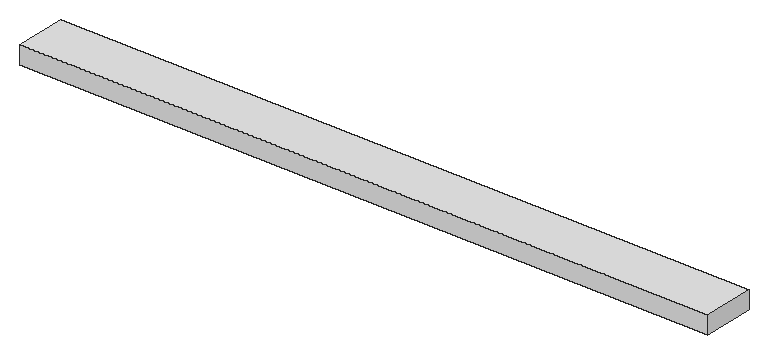
Revit family "11-TRIMBOARD-AND-STEALTH-TRIM-CADS-105-Trimboard-6-4x4-4-REVIT_Versatex-Generic-Model-6-4in-x-4in-TRIMBOARD", category Generic Models, host Face, Revit 2026
Family settings
  Host = Face
  Can host rebar = No
  Round Connector Dimension = Use Diameter
  Part Type = Normal
  Cut with Voids When Loaded = No
  Maintain Annotation Orientation = No
  Shared = No
  Room Calculation Point = No
Parameters
  Model = "TBSM/TR640418"
  Length = 4' - 0"
  Warranty = "https://versatex.com/warranty/"
  URL = "https://versatex.com/"
  Specification = "https://www.arcat.com/company/versatex-45716/spec?coid=45716"
  Sales Information = "https://versatex.com/dealer-locator/"
  Message Manufacturer = "https://versatex.com/contact/"
  Material = Versatex PVC - Smooth
  Manufacturer Website = "https://versatex.com/"
  Manufacturer Phone = "724-857-1111"
  Manufacturer Fax = "724-857-1171"
  Manufacturer Address = "400 Steel Street, Aliquippa, PA 15001"
  Manufacturer = "Versatex"
  Literature = "https://versatex.com/literature/?_sft_literature_category=cads"
  Description = "NOMINAL 6/4” x 4” TRIMBOARD"
  Default Elevation = 4' - 0"
  Copyright = "© 2024 VERSATEX Building Products, LLC"
Reference planes (in)
  plane 1 "Center (Front/Back)": y = 0
  plane 2: z = 0
  plane 3 "Center (Left/Right)": x = 0
  plane 4: x = 24
  plane 5: x = -24
Forms (in)
  Sweep 1, solid, material "Versatex PVC - Smooth" <- "Material"
    path origin (0, 0, 0) x (1, 0, 0) y (0, 1, 0)
      loop
        line (-24, 0) -> (24, 0)
    profile "Versatex_Profile_6-4” x 4” TRIMBOARD : Versatex_Profile_6-4” x 4” TRIMBOARD" origin (0, 0, 0) x (0, 1, 0) y (0, 0, 1)
      loop
        line (0, 0) -> (3.5, 0) -> (3.5, 1.25) -> (0, 1.25) -> (0, 0)
Dimensions and locks (in)
  "Length": plane 5 to plane 4
  equal spacing: plane 5, plane 3 "Center (Left/Right)", plane 4, locked at 24 each
  aligned and locked: plane 2 to host face
  aligned and locked: level to host face
Automatic sketch dimensions
  host sketch curve to host sketch curve = 8' - 0"  (x2)
  plane 1 "Center (Front/Back)" to Sweep 1 sketch curve = 0' - 0"
  Sweep 1 sketch curve to plane 5 = 0' - 0"
  Sweep 1 sketch curve to plane 4 = 0' - 0"
